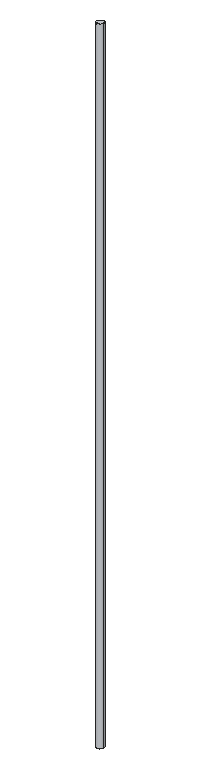
Revit family "0066754 Sylvania Lighting Fixture Skyline Street XL 17-30klm NW MR21 I 9022", category Lighting Fixtures, host Face, Revit 2016
Family settings
  Host = Face
  Part Type = Normal
  Round Connector Dimension = Use Diameter
  OmniClass Number = 23.80.70.00
  OmniClass Title = Lighting
  Cut with Voids When Loaded = No
  Light Source = Yes
  Shared = No
  Room Calculation Point = No
Parameters (values of type "0066754 SKS XL 17-30KLM NW MR21 I 9022 ")
  base height = 40 mm
  backplate diameter = 256 mm
  Weight = "n/a"
  Wattage Comments = ""
  Wattage = 9.2903 W
  WarrantyStartDate [instance] = "n/a"
  WarrantyGuarantorParts = "n/a"
  WarrantyDurationUnit = "n/a"
  WarrantyDurationParts = ""
  WarrantyDescription = "http://www.sylvania-lighting.com"
  built-in parameter 1150110 = 1 (stored number, unit not read)
  Voltage = 0 V
  URL = "0.98"
  TypeName = "Skyline Street XL 17-30klm NW MR21 I 9022"
  Type Image = <None>
  Type Comments = "n/a"
  Tube Diameter = 80 mm
  built-in parameter 1114217 = 1 (stored number, unit not read)
  Tilt Angle = 90.00°
  built-in parameter 1150109 = 1 (stored number, unit not read)
  built-in parameter 1150134 = 3
  built-in parameter 1150113 = 1 (stored number, unit not read)
  SerialNumber [instance] = "n/a"
  Photometric Web File = "0066754.ies"
  Material_3_FEILO = none
  PowerFactor = 0
  PowerConsumption = "Lighting"
  NominalLength = 415 mm
  NominalHeight = 0 mm
  NominalDepth = 0 mm
  Name = "Skyline Street XL 17-30klm NW MR21 I 9022"
  ModelReference = Name  # "Skyline Street XL 17-30klm NW MR21 I 9022"
  ModelNumber = "0066754"
  Model = Name  # "Skyline Street XL 17-30klm NW MR21 I 9022"
  Material = "Feilo Sylvania"
  ManufacturerName = "128 lm/W"
  Manufacturer = ""
  LuminousEfficacy = ""
  built-in parameter 1150105 = 109.82 (stored number, unit not read)
  Lumens = 1380 lm
  LuminaireType = "0"
  built-in parameter 1150115 = 1 (stored number, unit not read)
  LightOutputRatio = "LED"
  built-in parameter 1150137 = (empty or 0)
  built-in parameter 1150139 = (empty or 0)
  LampsType = Lamp  # "n/a"
  LampNominalLuminous = "4000 K"
  LampMacAdamStep = "70"
  LampColourTemperature = "LED"
  LampColourRenderingIndex = "16500"
  built-in parameter 1150112 = 1 (stored number, unit not read)
  built-in parameter 1150114 = 1 (stored number, unit not read)
  Lamp = "n/a"
  Keynote = "n/a"
  InstallationDate [instance] = "n/a"
  InputVoltage = "0"
  InputNominalFrequency = "4000"
  built-in parameter 1150132 = (empty or 0)
  built-in parameter 1150102 = (empty or 0)
  built-in parameter 1150107 = 3200 (stored number, unit not read)
  built-in parameter 1150138 = (empty or 0)
  IngressProtection = "IfcLightFixtureType"
  ImpactProtectionIndex = "IfcLightFixtureType"
  built-in parameter 1150106 = 1.0982 (stored number, unit not read)
  IfcExportType = "IfcLightFixtureType"
  IfcExportAs = "Class I"
  Height = 250 mm
  ExpectedLife = 50000
  Emit from Circle Diameter = 609.6 mm
  Emit Shape Visible in Rendering = no
  ElectricShockClassification = "128"
  built-in parameter 1150104 = 13.8 (stored number, unit not read)
  DurationUnit = "hours"
  DocumentationLiterature = "http://www.sylvania-lighting.com/product/en-int/products/0066754"
  DimmingControlOptions = "n/a"
  Material_2_FEILO = none
  Dimming Lamp Color Temperature Shift = <None>
  Diameter = 350 mm
  Description = "The Skyline Street family is dedicated for road lighting applications. Light distribution: MR21 - Medium Road, color temperature: 4000K , total system power: 244W, total fixture output: 31238lm, luminaire efficacy: 128lm/W, LOR: 100%, colour rendering index: 70, LED Chromaticity: 5 step MacAdam ellipse tolerance, lifetime: 100000 hours at L90B50 @ 50°C, energy class: A++, A+, A, operating voltage: 220-240V / 50-60Hz, electronic driver, Without Controls, power factor: min. 0.9, electrical protection: Class I, Ingress protection rating: IP66, Impact resistance: IK08, dimensions: 915 x 415 x 140mm, weight: 15 kg, for 42-60mm side entry or post top installation with +/-15° adjustability, the housing is made of Die Cast Aluminium in RAL9022 color combined with tempered flat glass cover."
  Default Elevation = 1219.2 mm
  CreatedOn = "02/12/2019"
  CreatedBy = "@sylvania-lighting.com"
  Cost = 0
  Color Filter = 16777215
  built-in parameter 1114216 [instance] = (empty or 0)
  ClassificationValue = "EF_70_80"
  ClassificationName = "Uniclass2015"
  Material_1_FEILO = none
  BarCode [instance] = "n/a"
  built-in parameter 1114218 = 1 (stored number, unit not read)
  built-in parameter 1150133 = 10 (stored number, unit not read)
  AssetType = "Fixed"
  AssetIdentifier [instance] = "n/a"
  Assembly Code = "D5020200"
  Apparent Load = 244 VA
  Material_4_FEILO = none
Reference planes
  plane 1 "Center (Front/Back)": y = 0
  plane 2: z = 0
  plane 3 "Center (Left/Right)": x = 0
  plane 4: z = 0
  plane 5: y = 128
  plane 6: y = -128
  plane 7: y = 175
  plane 8: y = -175
  plane 9: z = 40
Forms (mm)
  Extrusion 1, solid, detail levels coarse
    sketch origin (43.618, 0, 5999.295) x (1, 0, 0) y (0, 0, 1)
      loop
        line (-755, 240.919) -> (-755, 0.868) -> (39.922, 0.868) -> (39.922, 240.919) -> (-755, 240.919)
    from -207.534 to 207.466
  Extrusion 2, solid
    sketch origin (4.2, 0, 0) x (1, 0, 0) y (0, 1, 0)
      loop
        circle (-4.2, 0) r 30
    from 0 to 6000
Dimensions and locks
  "backplate diameter": plane 5 to plane 6
  equal spacing: plane 5, plane 1 "Center (Front/Back)", plane 6
  "Diameter": plane 7 to plane 8
  equal spacing: plane 7, plane 1 "Center (Front/Back)", plane 8
  "base height": plane 9 to level
  aligned and locked: plane 2 to host face
  aligned and locked: level to host face
Automatic sketch dimensions
  host sketch curve to host sketch curve = 2438.4 mm  (x2)
  level to Extrusion 1 sketch curve = 6000.163 mm
  Extrusion 1 sketch curve to plane 3 "Center (Left/Right)" = 711.382 mm
  plane 3 "Center (Left/Right)" to Extrusion 1 sketch curve = 83.54 mm
  plane 9 to Extrusion 1 sketch curve = 6200.213 mm
  plane 1 "Center (Front/Back)" to Extrusion 2 sketch curve = 0 mm
  Extrusion 2 sketch curve to plane 3 "Center (Left/Right)" = 0 mm
  radius of Extrusion 2 sketch curve = 30 mm
Connectors
  electrical at (0, 0, 0), driven by "Apparent Load", driven by "PowerFactor", driven by "Voltage"
    settings: index 1, voltage 0 V, apparent load 244 VA, apparent load phase1 0 VA, apparent load phase2 0 VA, apparent load phase3 0 VA, power factor 0, load classification "Lighting", number of poles 1, system type 30, power factor state 1, is connector primary yes, connector utility no, sub classification motor no, connector description ""
